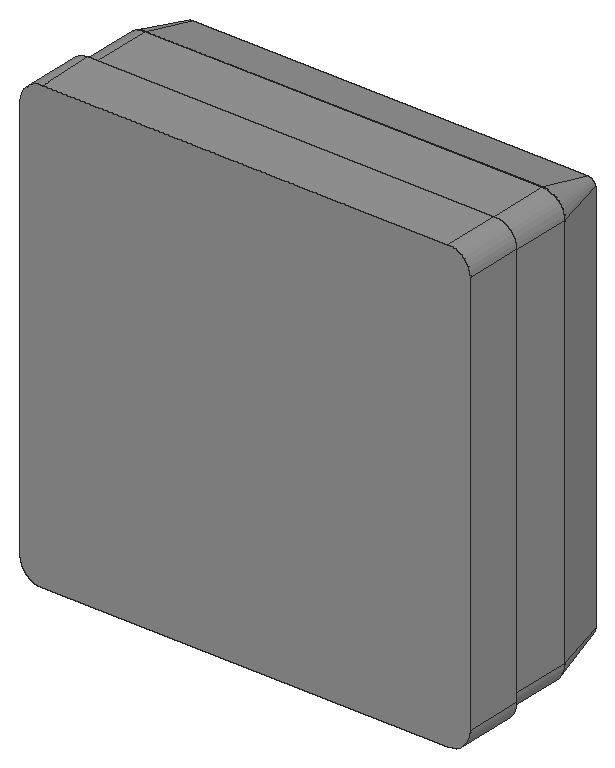
Revit family "IEK_РозеткаСетевая_ОткрытойУстановки_C ЗК 16А 4-местная IP20_ОКТАВА", category Электрические приборы, Revit 2019
Family settings
  Сохранять ориентацию аннотаций = Да
  Размер круглого соединителя = Использовать диаметр
  Тип детали = Нормальный
  На основе рабочей плоскости = Нет
  Всегда вертикально = Да
  При загрузке вырезать с полостями = Нет
  Общий = Нет
  Точка расчета площади = Нет
Parameters (values of type "РС24-3-ОК")
  Ширина = 103 mm  # constant formula
  Тип монтажа = "Поверхность монтажа (открытая установка)"  # constant formula
  Степень защиты = "IP20"  # constant formula
  Изготовитель = "IEK"  # constant formula
  Дата изменения = ""
  Глубина = 40.5 mm  # constant formula
  Высота = 103 mm  # constant formula
  ΔХ [instance] = 2000 mm
  ΔY [instance] = 2000 mm
  KSI_CPr_Строительные изделия = "20.4.03.04 20.4.03.05 20.4.03.06"  # constant formula
  KSI_CMa_Строительные материалы = "01.7.14.03"  # constant formula
  IEK_Цена за единицу = 475.43
  IEK_Поиск в таблице имен = ""
  IEK_Описание = "Универсальный дизайн серии открытой установки \"ОКТАВА\" позволяет устанавливать изделия в квартирах, загородных домах, офисных и производственных помещениях."
  IEK_URL = "https://www.iek.ru/products/catalog/izdeliya_elektroustanovochnye_udliniteli_i_silovye_razemy/elektroustanovochnye_izdeliya/elektroustanovochnye_izdeliya_otkrytogo_montazha_ip20/elektroustanovochnye_izdeliya_oktava/elektroustanovochnye_izdeliya_oktava_tsvet_kremovyy/rozetka_4_mestnaya_dlya_otkrytoy_ustanovki_rs24_3_ok_s_zazemlyayushchim_kontaktom_16a_oktava_kremovyy_iek"
  ADSK_Ток [instance] = 16 A  # constant formula
  ADSK_Примечание = ""
  ADSK_Полная мощность [instance] = ADSK_Номинальная мощность / ADSK_Коэффициент мощности  # 3520 VA
  ADSK_Позиция [instance] = ""
  ADSK_Номинальная мощность [instance] = ADSK_Ток * ADSK_Напряжение * sqrt(ADSK_Количество фаз числовое) * ADSK_Коэффициент мощности  # 3520 W
  ADSK_Напряжение = 220 V  # constant formula
  ADSK_Наименование = "Розетка 4-местная для открытой установки РС24-3-ОК с заземляющим контактом 16А ОКТАВА кремовый IEK"
  ADSK_Материал обозначение = ""
  ADSK_Материал наименование = "Пластик"  # constant formula
  ADSK_Материал = Цвет кремовый
  ADSK_Масса = 0.11  # constant formula
  ADSK_Марка = "ОКТАВА"  # constant formula
  ADSK_Коэффициент мощности [instance] = 1  # constant formula
  ADSK_Количество фаз числовое = 1
  ADSK_Количество фаз = 1
  ADSK_Код изделия = "ERO41-K33-16-DC"
  ADSK_Классификация нагрузок [instance] = Прочее
  ADSK_Завод-изготовитель = "IEK"  # constant formula
  ADSK_Единица измерения = "шт"  # constant formula
  ADSK_Группирование = "III ЭЛЕКТРОУСТАНОВОЧНЫЕ И ЭЛЕКТРОМОНТАЖНЫЕ ИЗДЕЛИЯ"  # constant formula
  ADSK_Версия семейства = "1.0"  # constant formula
  ADSK_Версия Revit = "2019"  # constant formula
  ADSK_URL страницы изделия = "https://www.iek.ru/products/catalog/izdeliya_elektroustanovochnye_udliniteli_i_silovye_razemy/elektroustanovochnye_izdeliya/elektroustanovochnye_izdeliya_otkrytogo_montazha_ip20/elektroustanovochnye_izdeliya_oktava/?pagec=100"
Types (3, lengths in mm): name | IEK_Цена за единицу | IEK_URL | ADSK_Наименование | ADSK_Материал | ADSK_Код изделия
  (no name) | 475.43 | "https://www.iek.ru/products/catalog/izdeliya_elektroustanovochnye_udliniteli_i_silovye_razemy/elektroustanovochnye_izdeliya/elektroustanovochnye_izdeliya_otkrytogo_montazha_ip20/elektroustanovochnye_izdeliya_oktava/elektroustanovochnye_izdeliya_oktava_tsvet_kremovyy/rozetka_4_mestnaya_dlya_otkrytoy_ustanovki_rs24_3_ok_s_zazemlyayushchim_kontaktom_16a_oktava_kremovyy_iek" | "Розетка 4-местная для открытой установки РС24-3-ОК с заземляющим контактом 16А ОКТАВА кремовый IEK" | Цвет кремовый | "ERO41-K33-16-DC"
  РС24-3-ОС | 745.92 | "https://www.iek.ru/products/catalog/izdeliya_elektroustanovochnye_udliniteli_i_silovye_razemy/elektroustanovochnye_izdeliya/elektroustanovochnye_izdeliya_otkrytogo_montazha_ip20/elektroustanovochnye_izdeliya_oktava/elektroustanovochnye_izdeliya_oktava_tsvet_sosna/rozetka_4_mestnaya_dlya_otkrytoy_ustanovki_rs24_3_os_s_zazemlyayushchim_kontaktom_16a_oktava_sosna_iek" | "Розетка 4-местная для открытой установки РС24-3-ОС с заземляющим контактом 16А ОКТАВА сосна IEK" | Цвет сосна | "ERO41-K03-16-DC"
  РС24-3-ОК | 475.43 | "https://www.iek.ru/products/catalog/izdeliya_elektroustanovochnye_udliniteli_i_silovye_razemy/elektroustanovochnye_izdeliya/elektroustanovochnye_izdeliya_otkrytogo_montazha_ip20/elektroustanovochnye_izdeliya_oktava/elektroustanovochnye_izdeliya_oktava_tsvet_kremovyy/rozetka_4_mestnaya_dlya_otkrytoy_ustanovki_rs24_3_ok_s_zazemlyayushchim_kontaktom_16a_oktava_kremovyy_iek" | "Розетка 4-местная для открытой установки РС24-3-ОК с заземляющим контактом 16А ОКТАВА кремовый IEK" | Цвет кремовый | "ERO41-K33-16-DC"
Reference planes
  plane 1 "По центру (Вперед/Назад)": y = 0
  plane 2: z = 0
  plane 3 "По центру (Влево/Вправо)": x = 0
  plane 4 "Высота ножек": z = 280
  plane 5 "Высота": z = 2081.496
  plane 6: x = -2000
  plane 7: y = 2000
Forms (mm)
  Extrusion 1, void
    sketch origin (-0.021, 0, 71) x (1, 0, 0) y (0, 0, -1)
      loop
        circle (-21.059, 40.999) r 19.5
      loop
        circle (21.059, 40.999) r 19.5
      loop
        circle (-21.059, -0.999) r 19.5
      loop
        circle (21.059, -0.999) r 19.5
    from 24 to 41
  Extrusion 2, solid, material "Цвет кремовый" <- "ADSK_Материал", detail levels fine
    sketch origin (-0.021, 0, 51) x (1, 0, 0) y (0, 0, -1)
      loop
        line (-51, 46) -> (-51, -46)
        arc (-51, -46) -> (-49.536, -49.536) -> (-46, -51) r 5
        line (-46, -51) -> (46, -51)
        arc (46, -51) -> (49.536, -49.536) -> (51, -46) r 5
        line (51, -46) -> (51, 46)
        arc (51, 46) -> (49.536, 49.536) -> (46, 51) r 5
        line (46, 51) -> (-46, 51)
        arc (-46, 51) -> (-49.536, 49.536) -> (-51, 46) r 5
    from 0 to 13
  Extrusion 3, solid, material "Цвет кремовый" <- "ADSK_Материал", detail levels fine
    sketch origin (-0.021, 0, 51) x (1, 0, 0) y (0, 0, -1)
      loop
        line (-50, 44.962) -> (-50, -44.962)
        arc (-50, -44.962) -> (-48.524, -48.524) -> (-44.962, -50) r 5.038
        line (-44.962, -50) -> (45.005, -50)
        arc (45.005, -50) -> (48.537, -48.537) -> (50, -45.005) r 4.995
        line (50, -45.005) -> (50, 45.005)
        arc (50, 45.005) -> (48.537, 48.537) -> (45.005, 50) r 4.995
        line (45.005, 50) -> (-44.962, 50)
        arc (-44.962, 50) -> (-48.524, 48.524) -> (-50, 44.962) r 5.038
    from 13 to 28
  Blend 4, solid, material "Цвет кремовый" <- "ADSK_Материал", detail levels fine
    base sketch origin (-0.021, 0, 51) x (1, 0, 0) y (0, 0, -1)
      loop
        line (-50, 44.962) -> (-50, -44.962)
        arc (-50, -44.962) -> (-48.524, -48.524) -> (-44.962, -50) r 5.038
        line (-44.962, -50) -> (45.005, -50)
        arc (45.005, -50) -> (48.537, -48.537) -> (50, -45.005) r 4.995
        line (50, -45.005) -> (50, 45.005)
        arc (50, 45.005) -> (48.537, 48.537) -> (45.005, 50) r 4.995
        line (45.005, 50) -> (-44.962, 50)
        arc (-44.962, 50) -> (-48.524, 48.524) -> (-50, 44.962) r 5.038
    top sketch origin (-0.021, 0, 51) x (1, 0, 0) y (0, 0, -1)
      loop
        line (-46.517, 44.856) -> (-46.517, -44.817)
        arc (-46.517, -44.817) -> (-46.019, -46.019) -> (-44.817, -46.517) r 1.7
        line (-44.817, -46.517) -> (44.817, -46.517)
        arc (44.817, -46.517) -> (46.019, -46.019) -> (46.517, -44.817) r 1.7
        line (46.517, -44.817) -> (46.517, 44.801)
        arc (46.517, 44.801) -> (46.014, 46.014) -> (44.801, 46.517) r 1.716
        line (44.801, 46.517) -> (-44.856, 46.517)
        arc (-44.856, 46.517) -> (-46.03, 46.03) -> (-46.517, 44.856) r 1.661
    from 28 to 41
  Extrusion 5, void
    sketch origin (-0.021, 0, 51) x (1, 0, 0) y (0, 0, -1)
      loop
        arc (-44.517, -42.517) -> (-43.931, -43.931) -> (-42.517, -44.517) r 2
        line (-42.517, -44.517) -> (42.517, -44.517)
        arc (42.517, -44.517) -> (43.931, -43.931) -> (44.517, -42.517) r 2
        line (44.517, -42.517) -> (44.517, 42.517)
        arc (44.517, 42.517) -> (43.931, 43.931) -> (42.517, 44.517) r 2
        line (42.517, 44.517) -> (-42.517, 44.517)
        arc (-42.517, 44.517) -> (-43.931, 43.931) -> (-44.517, 42.517) r 2
        line (-44.517, 42.517) -> (-44.517, -42.517)
      loop
        circle (-21, 21.008) r 20.5
      loop
        circle (21, 21.008) r 20.5
      loop
        circle (-21, -21.008) r 20.5
      loop
        circle (21, -21.008) r 20.5
    from 40.5 to 41
  Extrusion 6, void
    sketch origin (-0.021, 0, 70.99) x (1, 0, 0) y (0, 0, -1)
      loop
        circle (-30.54, -1.016) r 2.758
      loop
        circle (-11.491, -1.016) r 2.758
      loop
        circle (30.54, -1.016) r 2.758
      loop
        circle (11.491, -1.016) r 2.758
      loop
        circle (-30.54, 40.996) r 2.758
      loop
        circle (-11.491, 40.996) r 2.758
      loop
        circle (30.54, 40.996) r 2.758
      loop
        circle (11.491, 40.996) r 2.758
    from 24 to 22.6
  Extrusion 7, solid, material "Латунь", detail levels fine
    sketch origin (-0.021, 0, 51) x (0, 0, -1) y (0, 1, 0)
      loop
        line (40.059, 24) -> (40.933, 23.072) -> (36.485, 32.61)
        arc (36.485, 32.61) -> (36.315, 33.717) -> (36.765, 34.741) r 2
        line (36.765, 34.741) -> (39.5, 38) -> (38.229, 37.108) -> (36.459, 34.998)
        arc (36.459, 34.998) -> (35.918, 33.769) -> (36.122, 32.441) r 2.4
        line (36.122, 32.441) -> (40.059, 24)
      loop
        line (1.953, 24) -> (5.889, 32.441)
        arc (5.889, 32.441) -> (6.094, 33.769) -> (5.553, 34.998) r 2.4
        line (5.553, 34.998) -> (3.782, 37.108) -> (2.512, 38) -> (5.246, 34.741)
        arc (5.246, 34.741) -> (5.697, 33.717) -> (5.527, 32.61) r 2
        line (5.527, 32.61) -> (1.079, 23.072) -> (1.953, 24)
      loop
        line (-40.059, 24) -> (-36.122, 32.441)
        arc (-36.122, 32.441) -> (-35.918, 33.769) -> (-36.459, 34.998) r 2.4
        line (-36.459, 34.998) -> (-38.229, 37.108) -> (-39.5, 38) -> (-36.765, 34.741)
        arc (-36.765, 34.741) -> (-36.315, 33.717) -> (-36.485, 32.61) r 2
        line (-36.485, 32.61) -> (-40.933, 23.072) -> (-40.059, 24)
      loop
        line (-1.953, 24) -> (-1.079, 23.072) -> (-5.527, 32.61)
        arc (-5.527, 32.61) -> (-5.697, 33.717) -> (-5.246, 34.741) r 2
        line (-5.246, 34.741) -> (-2.512, 38) -> (-3.782, 37.108) -> (-5.553, 34.998)
        arc (-5.553, 34.998) -> (-6.094, 33.769) -> (-5.889, 32.441) r 2.4
        line (-5.889, 32.441) -> (-1.953, 24)
    from 19.5 to 22.5
  Extrusion 8, solid, material "Латунь", detail levels fine
    sketch origin (-0.021, 0, 51) x (0, 0, -1) y (0, -1, 0)
      loop
        line (40.059, -24) -> (36.122, -32.441)
        arc (36.122, -32.441) -> (35.918, -33.769) -> (36.459, -34.998) r 2.4
        line (36.459, -34.998) -> (38.229, -37.108) -> (39.5, -38) -> (36.765, -34.741)
        arc (36.765, -34.741) -> (36.315, -33.717) -> (36.485, -32.61) r 2
        line (36.485, -32.61) -> (40.933, -23.072) -> (40.059, -24)
      loop
        line (1.953, -24) -> (1.079, -23.072) -> (5.527, -32.61)
        arc (5.527, -32.61) -> (5.697, -33.717) -> (5.246, -34.741) r 2
        line (5.246, -34.741) -> (2.512, -38) -> (3.782, -37.108) -> (5.553, -34.998)
        arc (5.553, -34.998) -> (6.094, -33.769) -> (5.889, -32.441) r 2.4
        line (5.889, -32.441) -> (1.953, -24)
      loop
        line (-40.059, -24) -> (-40.933, -23.072) -> (-36.485, -32.61)
        arc (-36.485, -32.61) -> (-36.315, -33.717) -> (-36.765, -34.741) r 2
        line (-36.765, -34.741) -> (-39.5, -38) -> (-38.229, -37.108) -> (-36.459, -34.998)
        arc (-36.459, -34.998) -> (-35.918, -33.769) -> (-36.122, -32.441) r 2.4
        line (-36.122, -32.441) -> (-40.059, -24)
      loop
        line (-1.953, -24) -> (-5.889, -32.441)
        arc (-5.889, -32.441) -> (-6.094, -33.769) -> (-5.553, -34.998) r 2.4
        line (-5.553, -34.998) -> (-3.782, -37.108) -> (-2.512, -38) -> (-5.246, -34.741)
        arc (-5.246, -34.741) -> (-5.697, -33.717) -> (-5.527, -32.61) r 2
        line (-5.527, -32.61) -> (-1.079, -23.072) -> (-1.953, -24)
    from 19.5 to 22.5
  Extrusion 9, solid, detail levels coarse
    sketch origin (0, 0, 0) x (1, 0, 0) y (0, 1, 0)
      loop
        line (-51.021, 0) -> (50.979, 0) -> (50.979, 41) -> (-51.021, 41) -> (-51.021, 0)
    from 0 to 103
  Extrusion 10, solid, detail levels medium
    sketch origin (0, 0, 0) x (1, 0, 0) y (0, 1, 0)
      loop
        line (-51.021, 41) -> (-51.021, 0) -> (50.979, 0) -> (50.979, 41) -> (-51.021, 41)
    from 0 to 103
Cuts and joins
  Extrusion 1, Extrusion 5 cuts Blend 4
  Extrusion 1, Extrusion 6 cuts Extrusion 3
Lines and regions (mm)
  reference lines
    curve 1: line (0, 44.647, 0) -> (0, -55.353, 0)
    curve 2: line (-23.829, 0, 0) -> (76.171, 0, 0)
Dimensions and locks
  locked: plane 4 "Высота ножек" to plane 2 at 280
  plane 5 "Высота" to plane 4 "Высота ножек" = 1801.496 mm
  "ΔХ": plane 6 to curve 1
  "ΔY": plane 7 to curve 2
  aligned and locked: level to plane 2
  aligned and locked: nested 1 to curve 1
  aligned and locked: curve 2 to nested 1
  aligned and locked: Extrusion 3 to Extrusion 2
  aligned and locked: Blend 4 to Extrusion 3
Automatic sketch dimensions
  Extrusion 1 sketch curve to plane 3 "По центру (Влево/Вправо)" = 21.08 mm  (x2)
  level to Extrusion 1 sketch curve = 30.001 mm  (x2)
  plane 3 "По центру (Влево/Вправо)" to Extrusion 1 sketch curve = 21.037 mm  (x2)
  level to Extrusion 1 sketch curve = 71.999 mm  (x2)
  Extrusion 2 sketch curve to plane 3 "По центру (Влево/Вправо)" = 51.021 mm
  Extrusion 2 sketch curve to Extrusion 2 sketch curve = 5 mm  (x3)
  plane 3 "По центру (Влево/Вправо)" to Extrusion 2 sketch curve = 45.979 mm  (x2)
  level to Extrusion 2 sketch curve = 5 mm
  level to Extrusion 2 sketch curve = 97 mm
  Extrusion 3 sketch curve to plane 3 "По центру (Влево/Вправо)" = 50.021 mm
  Extrusion 3 sketch curve to Extrusion 3 sketch curve = 5.038 mm  (x2)
  level to Extrusion 3 sketch curve = 1 mm
  plane 3 "По центру (Влево/Вправо)" to Extrusion 3 sketch curve = 44.984 mm  (x2)
  Extrusion 3 sketch curve to Extrusion 3 sketch curve = 4.995 mm
  level to Extrusion 3 sketch curve = 95.962 mm
  Blend 4 sketch curve to plane 3 "По центру (Влево/Вправо)" = 50.021 mm
  Blend 4 sketch curve to Blend 4 sketch curve = 5.038 mm  (x2)
  plane 3 "По центру (Влево/Вправо)" to Blend 4 sketch curve = 44.984 mm  (x2)
  level to Blend 4 sketch curve = 5.995 mm
  Blend 4 sketch curve to Blend 4 sketch curve = 4.995 mm
  level to Blend 4 sketch curve = 95.962 mm
  Blend 4 sketch curve to plane 3 "По центру (Влево/Вправо)" = 46.538 mm
  Blend 4 sketch curve to Blend 4 sketch curve = 1.661 mm
  Blend 4 sketch curve to Blend 4 sketch curve = 1.7 mm
  plane 3 "По центру (Влево/Вправо)" to Blend 4 sketch curve = 44.78 mm
  plane 3 "По центру (Влево/Вправо)" to Blend 4 sketch curve = 44.795 mm
  Blend 4 sketch curve to Blend 4 sketch curve = 1.716 mm
  level to Blend 4 sketch curve = 97.517 mm
  level to Blend 4 sketch curve = 6.199 mm
  Extrusion 5 sketch curve to plane 3 "По центру (Влево/Вправо)" = 44.538 mm
  Extrusion 5 sketch curve to Extrusion 5 sketch curve = 2 mm  (x3)
  Extrusion 5 sketch curve to plane 3 "По центру (Влево/Вправо)" = 21.022 mm  (x2)
  level to Extrusion 5 sketch curve = 29.992 mm  (x2)
  plane 3 "По центру (Влево/Вправо)" to Extrusion 5 sketch curve = 20.979 mm  (x2)
  Extrusion 5 sketch curve to Extrusion 5 sketch curve = 21.516 mm  (x2)
  level to Extrusion 5 sketch curve = 72.008 mm  (x2)
  Extrusion 5 sketch curve to Extrusion 5 sketch curve = 21.508 mm
  level to Extrusion 5 sketch curve = 8.483 mm
  level to Extrusion 6 sketch curve = 29.994 mm  (x4)
  Extrusion 6 sketch curve to plane 3 "По центру (Влево/Вправо)" = 30.562 mm  (x2)
  Extrusion 6 sketch curve to plane 3 "По центру (Влево/Вправо)" = 11.512 mm  (x2)
  plane 3 "По центру (Влево/Вправо)" to Extrusion 6 sketch curve = 11.47 mm  (x2)
  Extrusion 6 sketch curve to Extrusion 6 sketch curve = 19.049 mm  (x2)
  level to Extrusion 6 sketch curve = 72.006 mm  (x2)
  Extrusion 6 sketch curve to Extrusion 6 sketch curve = 0 mm  (x2)
  Extrusion 7 sketch curve to Extrusion 7 sketch curve = 0 mm  (x8)
  Extrusion 7 sketch curve to plane 1 "По центру (Вперед/Назад)" = 23.072 mm  (x4)
  level to Extrusion 7 sketch curve = 91.933 mm
  Extrusion 7 sketch curve to plane 1 "По центру (Вперед/Назад)" = 24 mm  (x4)
  Extrusion 7 sketch curve to Extrusion 7 sketch curve = 0.874 mm  (x4)
  Extrusion 7 sketch curve to plane 1 "По центру (Вперед/Назад)" = 38 mm
  Extrusion 7 sketch curve to Extrusion 7 sketch curve = 0.559 mm
  Extrusion 7 sketch curve to Extrusion 7 sketch curve = 1.202 mm  (x2)
  Extrusion 7 sketch curve to plane 1 "По центру (Вперед/Назад)" = 37.108 mm
  Extrusion 7 sketch curve to Extrusion 7 sketch curve = 1.271 mm  (x4)
  Extrusion 7 sketch curve to plane 1 "По центру (Вперед/Назад)" = 34.741 mm  (x3)
  Extrusion 7 sketch curve to Extrusion 7 sketch curve = 1.532 mm  (x4)
  Extrusion 7 sketch curve to plane 1 "По центру (Вперед/Назад)" = 32.61 mm
  Extrusion 7 sketch curve to Extrusion 7 sketch curve = 1.813 mm  (x2)
  Extrusion 7 sketch curve to plane 1 "По центру (Вперед/Назад)" = 34.998 mm  (x2)
  Extrusion 7 sketch curve to Extrusion 7 sketch curve = 0.306 mm  (x4)
  Extrusion 7 sketch curve to plane 1 "По центру (Вперед/Назад)" = 32.441 mm  (x2)
  level to Extrusion 7 sketch curve = 56.889 mm
  Extrusion 7 sketch curve to Extrusion 7 sketch curve = 0.337 mm  (x2)
  Extrusion 7 sketch curve to Extrusion 7 sketch curve = 0.363 mm  (x3)
  Extrusion 7 sketch curve to Extrusion 7 sketch curve = 1.77 mm  (x2)
  Extrusion 7 sketch curve to Extrusion 7 sketch curve = 3.936 mm  (x2)
  Extrusion 7 sketch curve to Extrusion 7 sketch curve = 2.158 mm
  Extrusion 7 sketch curve to Extrusion 7 sketch curve = 5.024 mm
  level to Extrusion 7 sketch curve = 14.878 mm
  Extrusion 7 sketch curve to Extrusion 7 sketch curve = 2.3 mm
  Extrusion 7 sketch curve to Extrusion 7 sketch curve = 8.441 mm
  Extrusion 7 sketch curve to Extrusion 7 sketch curve = 0.169 mm  (x2)
  Extrusion 7 sketch curve to Extrusion 7 sketch curve = 0.845 mm
  Extrusion 7 sketch curve to Extrusion 7 sketch curve = 2.11 mm  (x3)
  Extrusion 7 sketch curve to Extrusion 7 sketch curve = 0.892 mm  (x3)
  Extrusion 8 sketch curve to Extrusion 8 sketch curve = 0 mm  (x9)
  Extrusion 8 sketch curve to plane 1 "По центру (Вперед/Назад)" = 23.072 mm  (x4)
  level to Extrusion 8 sketch curve = 91.933 mm
  Extrusion 8 sketch curve to plane 1 "По центру (Вперед/Назад)" = 24 mm  (x4)
  Extrusion 8 sketch curve to Extrusion 8 sketch curve = 0.874 mm  (x4)
  Extrusion 8 sketch curve to plane 1 "По центру (Вперед/Назад)" = 38 mm
  Extrusion 8 sketch curve to Extrusion 8 sketch curve = 0.559 mm
  Extrusion 8 sketch curve to Extrusion 8 sketch curve = 1.202 mm  (x2)
  Extrusion 8 sketch curve to plane 1 "По центру (Вперед/Назад)" = 37.108 mm
  Extrusion 8 sketch curve to Extrusion 8 sketch curve = 1.271 mm  (x4)
  Extrusion 8 sketch curve to plane 1 "По центру (Вперед/Назад)" = 34.741 mm  (x3)
  Extrusion 8 sketch curve to Extrusion 8 sketch curve = 1.532 mm  (x4)
  Extrusion 8 sketch curve to plane 1 "По центру (Вперед/Назад)" = 32.61 mm
  Extrusion 8 sketch curve to Extrusion 8 sketch curve = 1.813 mm  (x2)
  Extrusion 8 sketch curve to plane 1 "По центру (Вперед/Назад)" = 34.998 mm  (x2)
  Extrusion 8 sketch curve to Extrusion 8 sketch curve = 0.306 mm  (x4)
  Extrusion 8 sketch curve to plane 1 "По центру (Вперед/Назад)" = 32.441 mm  (x2)
  level to Extrusion 8 sketch curve = 56.889 mm
  Extrusion 8 sketch curve to Extrusion 8 sketch curve = 0.337 mm  (x2)
  Extrusion 8 sketch curve to Extrusion 8 sketch curve = 0.363 mm  (x3)
  Extrusion 8 sketch curve to Extrusion 8 sketch curve = 1.77 mm  (x2)
  Extrusion 8 sketch curve to Extrusion 8 sketch curve = 3.936 mm  (x2)
  Extrusion 8 sketch curve to Extrusion 8 sketch curve = 2.158 mm
  Extrusion 8 sketch curve to Extrusion 8 sketch curve = 5.024 mm
  level to Extrusion 8 sketch curve = 14.878 mm
  Extrusion 8 sketch curve to Extrusion 8 sketch curve = 3.259 mm  (x2)
  Extrusion 8 sketch curve to Extrusion 8 sketch curve = 0.892 mm  (x3)
  Extrusion 8 sketch curve to Extrusion 8 sketch curve = 0.257 mm  (x2)
  Extrusion 8 sketch curve to Extrusion 8 sketch curve = 2.11 mm
  Extrusion 8 sketch curve to Extrusion 8 sketch curve = 1.286 mm  (x2)
  plane 1 "По центру (Вперед/Назад)" to Extrusion 9 sketch curve = 0 mm
  Extrusion 9 sketch curve to plane 3 "По центру (Влево/Вправо)" = 51.021 mm
  plane 3 "По центру (Влево/Вправо)" to Extrusion 9 sketch curve = 50.979 mm
  Extrusion 9 sketch curve to plane 1 "По центру (Вперед/Назад)" = 41 mm
  plane 1 "По центру (Вперед/Назад)" to Extrusion 10 sketch curve = 0 mm
  Extrusion 10 sketch curve to plane 3 "По центру (Влево/Вправо)" = 51.021 mm
  plane 3 "По центру (Влево/Вправо)" to Extrusion 10 sketch curve = 50.979 mm
  Extrusion 10 sketch curve to plane 1 "По центру (Вперед/Назад)" = 41 mm
  curve 2 to plane 3 "По центру (Влево/Вправо)" = 23.829 mm
  plane 3 "По центру (Влево/Вправо)" to curve 2 = 76.171 mm
  plane 1 "По центру (Вперед/Назад)" to curve 1 = 55.353 mm
  curve 1 to plane 1 "По центру (Вперед/Назад)" = 44.647 mm
  radius of Extrusion 1 sketch curve = 19.5 mm  (x4)
  radius of Extrusion 5 sketch curve = 20.5 mm  (x4)
  radius of Extrusion 6 sketch curve = 2.758 mm  (x8)
Nested families
  nested 1: "УГО Розетки" at (0, 0, 0), type "2PE-O", detail levels coarse+medium
    with Количество в блоке "4Б", Блок розеток yes, IP44 no
Connectors
  electrical at (-0.021, 0, 51), driven by "ADSK_Количество фаз", driven by "ADSK_Классификация нагрузок", driven by "ADSK_Напряжение", driven by "ADSK_Полная мощность", driven by "ADSK_Коэффициент мощности"
    settings: on Extrusion 2, index 1, voltage 220 V, apparent load 0 VA, apparent load phase1 3520 VA, apparent load phase2 0 VA, apparent load phase3 0 VA, power factor 1, load classification "Прочее", number of poles 1, system type 31, power factor state 1, is connector primary yes, connector utility no, sub classification motor no, connector description ""
Definition of nested family "УГО Розетки"
  Parameters (values of type "3PE-O")
    Количество в блоке [instance] = ""
    Блок розеток [instance] = no
    IP44 [instance] = no
    3PE-O = yes
    3PE-C = no
    2PE-O = no
    2PE-C = no
    2P-O = no
    2P-C = no
  Types (6, lengths in mm): name | 3PE-O | 3PE-C | 2PE-O | 2PE-C | 2P-O | 2P-C
    2P-O | no | no | no | no | yes | no
    3PE-O | yes | no | no | no | no | no
    2P-C | no | no | no | no | no | yes
    2PE-C | no | no | no | yes | no | no
    2PE-O | no | no | yes | no | no | no
    3PE-C | no | yes | no | no | no | no
  Reference planes
    plane 1: y = 0
    plane 2: x = 0
  Lines and regions (mm)
    Filled region 1, type "Цветовая область 1", visible <- "IP44"
      outline origin (0, 0, 0) x (1, 0, 0) y (0, 1, 0)
        loop
          line (-2.5, 0) -> (2.5, 0)
          arc (2.5, 0) -> (0, 2.5) -> (-2.5, 0) r 2.5
    Filled region 2, type "Цветовая область 1", visible <- "IP44", not visible
      outline origin (0, 0, 0) x (1, 0, 0) y (0, 1, 0)
        loop
          line (-2.5, 4.664) -> (2.5, 4.664)
          arc (2.5, 4.664) -> (0, 7.164) -> (-2.5, 4.664) r 2.5
    detail lines
      curve 1: line (-2.5, 0, 0) -> (2.5, 0, 0)
      curve 3: line (0, 2.5, 0) -> (0, 5, 0)
      curve 4: arc (-2.5, 0, 0) -> (0, 2.5, 0) -> (2.5, 0, 0) r 2.5
    detail lines, visible <- "3PE-C"
      curve 2: line (0, 0, 0) -> (0, 2.5, 0)
      curve 5: line (-2.5, 2.5, 0) -> (2.5, 2.5, 0)
      curve 17: line (0, 2.5, 0) -> (1.768, 4.268, 0)
      curve 18: line (0, 2.5, 0) -> (-1.768, 4.268, 0)
    detail lines, not visible
      curve 6: line (-2.5, 4.664, 0) -> (2.5, 4.664, 0)
      curve 8: line (0, 7.164, 0) -> (0, 9.664, 0)
      curve 9: arc (-2.5, 4.664, 0) -> (0, 7.164, 0) -> (2.5, 4.664, 0) r 2.5
    detail lines, visible <- "3PE-C", not visible
      curve 7: line (0, 4.664, 0) -> (0, 7.164, 0)
      curve 10: line (-2.5, 7.164, 0) -> (2.5, 7.164, 0)
      curve 23: line (0, 7.164, 0) -> (1.768, 8.932, 0)
      curve 24: line (0, 7.164, 0) -> (-1.768, 8.932, 0)
    detail lines, visible <- "3PE-O"
      curve 11: line (-2.5, 2.5, 0) -> (2.5, 2.5, 0)
      curve 19: line (0, 2.5, 0) -> (1.768, 4.268, 0)
      curve 20: line (0, 2.5, 0) -> (-1.768, 4.268, 0)
    detail lines, visible <- "3PE-O", not visible
      curve 12: line (-2.5, 7.164, 0) -> (2.5, 7.164, 0)
      curve 25: line (0, 7.164, 0) -> (1.768, 8.932, 0)
      curve 26: line (0, 7.164, 0) -> (-1.768, 8.932, 0)
    detail lines, visible <- "2PE-C"
      curve 13: line (0, 0, 0) -> (0, 2.5, 0)
      curve 22: line (-2.5, 2.5, 0) -> (2.5, 2.5, 0)
    detail lines, visible <- "2P-C"
      curve 14: line (0, 0, 0) -> (0, 2.5, 0)
    detail lines, visible <- "2PE-C", not visible
      curve 15: line (0, 4.664, 0) -> (0, 7.164, 0)
      curve 28: line (-2.5, 7.164, 0) -> (2.5, 7.164, 0)
    detail lines, visible <- "2P-C", not visible
      curve 16: line (0, 4.664, 0) -> (0, 7.164, 0)
    detail lines, visible <- "2PE-O"
      curve 21: line (-2.5, 2.5, 0) -> (2.5, 2.5, 0)
    detail lines, visible <- "2PE-O", not visible
      curve 27: line (-2.5, 7.164, 0) -> (2.5, 7.164, 0)
    reference lines
      curve 29: line (100, 9.605, 0) -> (100, -3.971, 0)
  Text (mm)
    label "3" at (1.908, 5.573, 0), shows "Количество в блоке", visible <- "Блок розеток"
    label "3" at (1.908, 10.237, 0), shows "Количество в блоке", visible <- "Блок розеток", not visible
  Dimensions and locks
    aligned and locked: Filled region 1 sketch curve to curve 4
    aligned and locked: Filled region 2 sketch curve to curve 9
